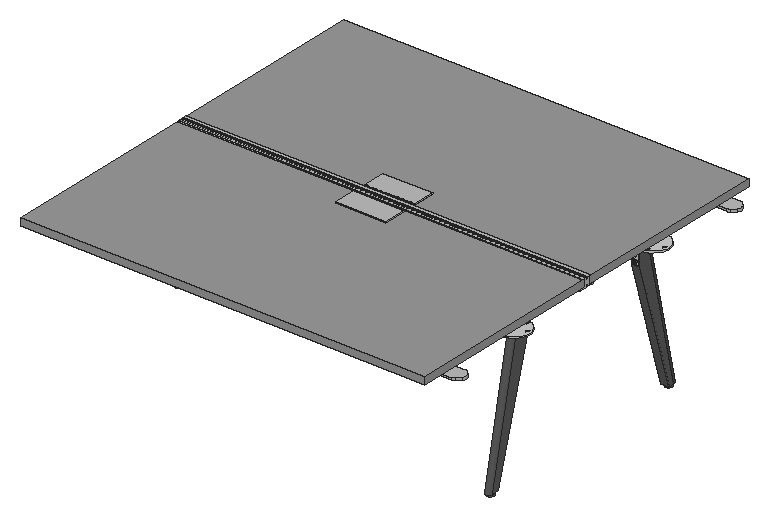
Revit family "Haworth_AWood_Bench_FixedLegs_DoubleIntermediaryModule_EU_PRELIMINARY", category Furniture, Revit 2019
Family settings
  OmniClass Number = 23.40.70.14.64.11
  OmniClass Title = Office Furniture
  Work Plane-Based = No
  Always vertical = Yes
  Cut with Voids When Loaded = No
  Shared = No
  Room Calculation Point = No
Parameters (values of type "200 x 200")
  Worksurface Depth = "160, 180, 200cm"  # constant formula
  Worksurface Width = "120, 140, 160, 180, 200cm"  # constant formula
  Warranty = "http://www.haworth.com/resources/product-info/warranties"
  URL - Product = "https://www.haworth.com/eu/en/products/office-desks/a-wood.html?_br_psugg_q=awood"
  Type Comments = ""
  URL = "https://www.haworth.com/eu/en.html"
  Trim Finish = Haworth _ Metal _ Structured White EC
  Tray Depth = Actual Depth - 80 cm  # 120 cm
  Top Finish [instance] = Haworth _ Laminate _ Undecided _ Tables
  Small = no
  Size = "Verify Final Dim.w/ Haworth"  # constant formula
  Round Cable Outlet = no
  Revision Number = "1"  # constant formula
  No Accessory Kit = not(or(Accessory Kit, Flip Top Cable Outlet, Round Cable Outlet))  # no
  Model = "AWB4LXXXX"  # constant formula
  Medium = not(or(Large, Small))  # no
  Manufacturer = "Haworth"  # constant formula
  Leg Height = Actual Height - 3.5 cm  # 69.5 cm
  Large = yes
  Flip Top Finish = Haworth _ Paint _ Metallic Silver
  Flip Top Cable Outlet = yes
  Description = "Haworth - A_Wood - Fixed Legs - Double Intermediary Module"  # constant formula
  Depth = if(Central Rail, Actual Depth / 2 - 1 cm, Actual Depth)  # 99 cm
  Central Rail = yes
  Base Finish [instance] = Haworth _ Paint _ Black
  Author = "Haworth (Abd Rahman)"  # constant formula
  Assembly Code = "E2020200"
  Actual Width = 200 cm
  Actual Height = 73 cm  # constant formula
  Actual Depth = if(Small, 160 cm, if(Medium, 180 cm, 200 cm))  # 200 cm
  Accessory Kit = yes
Types (8, lengths in cm): name | Tray Depth | Small | Round Cable Outlet | No Accessory Kit | Medium | Large | Flip Top Cable Outlet | Depth | Central Rail | Actual Width | Actual Depth | Accessory Kit
  120 x 160 | 80 | yes | no | yes | no | no | no | 160 | no | 120 | 160 | no
  140 x 180 | 100 | no | no | yes | yes | no | no | 89 | yes | 140 | 180 | no
  160 x 200 | 120 | no | yes | no | no | yes | no | 99 | yes | 160 | 200 | no
  180 x 160 | 80 | yes | no | yes | no | no | no | 160 | no | 180 | 160 | no
  200 x 180 | 100 | no | no | yes | yes | no | no | 89 | yes | 200 | 180 | no
  200 x 200 | 120 | no | no | no | no | yes | yes | 99 | yes | 200 | 200 | yes
  160 x 160 | 80 | yes | no | no | no | no | yes | 160 | no | 160 | 160 | yes
  180 x 180 | 100 | no | no | yes | yes | no | no | 89 | yes | 180 | 180 | no
Reference planes (cm)
  plane 1 "Center F/B": y = 17.4526
  plane 2: z = 0
  plane 3 "Center L/R": x = 11.43
  plane 4 "Top": z = 73
  plane 5 "Left": x = -88.57
  plane 6 "Right": x = 111.43
  plane 7 "Back": y = 117.4526
  plane 8 "Front": y = -82.5474
  plane 9: y = 102.4526
  plane 10: y = -67.5474
  plane 11: z = 70.5
  plane 12: z = 69.5
  plane 13: x = -83.57
  plane 14: x = 106.43
  plane 15: y = 52.4526
  plane 16: y = -17.5474
  plane 17: x = -68.57
Dimensions and locks (cm)
  "Actual Height": plane 4 "Top" to level
  equal spacing: plane 7 "Back", plane 1 "Center F/B", plane 8 "Front"
  "Actual Depth": plane 7 "Back" to plane 8 "Front"
  equal spacing: plane 5 "Left", plane 3 "Center L/R", plane 6 "Right"
  "Actual Width": plane 5 "Left" to plane 6 "Right"
  plane 4 "Top" to plane 11 to plane 12 = 2.5 cm locked, 1 cm locked
  locked: plane 5 "Left" to plane 13 at 5
  locked: plane 14 to plane 6 "Right" at 5
  locked: plane 8 "Front" to plane 10 at 15
  locked: plane 7 "Back" to plane 9 at 15
  locked: plane 1 "Center F/B" to plane 15 at 35
  locked: plane 1 "Center F/B" to plane 16 at 35
  locked: plane 5 "Left" to plane 17 at 20
  aligned and locked: plane 3 "Center L/R" to nested 3
  aligned and locked: nested 3 to plane 4 "Top"
  aligned and locked: nested 4 to plane 13
  aligned and locked: plane 4 "Top" to nested 4
  aligned and locked: plane 3 "Center L/R" to nested 2
  aligned and locked: nested 2 to plane 8 "Front"
  aligned and locked: plane 3 "Center L/R" to nested 5
  aligned and locked: plane 7 "Back" to nested 5
  aligned and locked: plane 3 "Center L/R" to nested 6
  aligned and locked: nested 6 to plane 1 "Center F/B"
  aligned and locked: nested 6 to plane 4 "Top"
  aligned and locked: nested 6 to nested 3
  aligned and locked: nested 7 to plane 3 "Center L/R"
  aligned and locked: nested 7 to nested 6
  aligned and locked: plane 4 "Top" to nested 7
  aligned and locked: nested 6 to nested 4
  aligned and locked: nested 8 to plane 14
  aligned and locked: plane 4 "Top" to nested 8
  aligned and locked: nested 9 to plane 14
  aligned and locked: plane 14 to nested 10
  aligned and locked: plane 15 to nested 10
  aligned and locked: nested 9 to plane 16
  aligned and locked: nested 6 to nested 8
  aligned and locked: nested 11 to plane 10
  aligned and locked: nested 11 to plane 14
  aligned and locked: plane 9 to nested 12
  aligned and locked: plane 14 to nested 12
  aligned and locked: nested 12 to plane 12
  aligned and locked: nested 11 to plane 12
  aligned and locked: nested 1 to plane 1 "Center F/B"
  aligned and locked: plane 17 to nested 1
Nested families (cm)
  nested 1: "Haworth_A_Wood_SingleLeg_PART" at (-7.9589, 15.6423, 0) x (0.7071, -0.7071, 0) z (0, 0, 1), Leg Finish <- "Base Finish", type "A_Wood Legs - PART"
    with Leg Finish Haworth _ Paint _ Black
  nested 2: "Haworth_A_Wood_Top_Rectangular-PART" at (170.2444, 38.0136, 0), Top Finish <- "Top Finish", visible <- "Central Rail", type "A_Wood Top Rectangular - PART"
    with Top Finish Haworth _ Laminate _ Undecided _ Tables, Void Depth 0 cm, Scallop no, Rounded Corners no, Actual Width 200 cm, Actual Depth 99 cm
  nested 3: "Haworth-Flip Top" at (9.9813, 26.3193, -7), visible <- "Flip Top Cable Outlet", type "Flip Top - Visio"
    with Actual Width 25 cm
  nested 4: "Haworth_Grommet-PART" at (-63.3841, 54.6626, 20.7768), visible <- "Round Cable Outlet", type "Cable Outlet"
  nested 5: "Haworth_A_Wood_Top_Rectangular-PART" at (170.2444, 139.0136, 0), Top Finish <- "Top Finish", type "A_Wood Top Rectangular - PART"
    with Top Finish Haworth _ Laminate _ Undecided _ Tables, Void Depth 0 cm, Scallop no, Rounded Corners no, Actual Width 200 cm, Actual Depth 99 cm
  nested 6: "Haworth_A_Wood_Accessories_CentralRail_PART" at (170.2444, 67.0136, -0.075), visible <- "Central Rail", type "A_Wood Rail - PART"
    with Actual Width 200 cm
  nested 7: "Haworth-Flip Top" at (9.9813, 8.586, -7), visible <- "Flip Top Cable Outlet", type "Flip Top - Visio"
    with Actual Width 25 cm
  nested 8: "Haworth_Grommet-PART" at (86.2441, -19.7574, 20.7768) x (-1, 0, 0) z (0, 0, 1), visible <- "Round Cable Outlet", type "Cable Outlet"
  nested 9: "Haworth_A_Wood_SingleLeg_PART" at (107.8345, 43.0637, 0) x (0.7071, 0.7071, 0) z (0, 0, 1), Leg Finish <- "Base Finish", type "A_Wood Legs - PART"
    with Leg Finish Haworth _ Paint _ Black
  nested 10: "Haworth_A_Wood_SingleLeg_PART" at (107.8345, -8.1584, 0) x (0.7071, -0.7071, 0) z (0, 0, 1), Leg Finish <- "Base Finish", type "A_Wood Legs - PART"
    with Leg Finish Haworth _ Paint _ Black
  nested 11: "Haworth_A_Wood_Accessories_LinkingPlate_PART" at (153.7444, -17.5015, -1), type "A_Wood Legs - PART"
  nested 12: "Haworth_A_Wood_Accessories_LinkingPlate_PART" at (153.7444, 152.4985, -1), type "A_Wood Legs - PART"
Definition of nested family "Haworth_A_Wood_SingleLeg_PART"
  Parameters (values of type "A_Wood Legs - PART")
    Warranty = "https://www.haworth.com/resources/product-info/warranties"
    URL - Product = ""
    Model = "Haworth - A_Wood"  # constant formula
    Metal Finish = none
    Leg Finish [instance] = none
    Description = "Haworth - A_Wood - Legs - PART"  # constant formula
    URL = ""
    Revision Number = "1"  # constant formula
    Manufacturer = "Haworth"  # constant formula
    Author = "Haworth (Abd Rahman)"  # constant formula
    Assembly Code = "E2020200"
    Actual Height = 73 cm  # constant formula
  Reference planes (cm)
    plane 1 "Bottom": z = 0
    plane 2 "Top": z = 73
    plane 3 "Top Bottom": z = 69.5
    plane 4: x = -59.8144
    plane 5: x = -39.3144
    plane 6: y = -39.9431
    plane 7 "Front": y = -60.4431
    plane 8: x = -49.5644
    plane 9: y = -50.1931
  Forms (cm)
    SweptBlend 1, solid, material <- "Leg Finish"
      path origin (-58.7425, -59.2694, 121.92) x (-0.707107, -0.707107, 0) y (0, 0, -1)
        loop
          line (-1.6984, 123.3068) -> (-17.8231, 51.5727)
      profile origin (-57.5416, -58.0684, -1.3868) x (-0.689892, -0.689892, 0.219313) y (0.707107, -0.707107, 0)
        loop
          line (-2.6886, 1.6172) -> (-2.6886, -2.1828) -> (0.0676, -2.1828)
          arc (0.0676, -2.1828) -> (1.9676, -0.2828) -> (0.0676, 1.6172) r 1.9
          line (0.0676, 1.6172) -> (-2.6886, 1.6172)
      end profile origin (-46.1396, -46.6665, 70.3473) x (-0.689892, -0.689892, 0.219313) y (0.707107, -0.707107, 0)
        loop
          line (-7.1321, -2.1828) -> (0, -2.1828)
          arc (0, -2.1828) -> (1.9, -0.2828) -> (0, 1.6172) r 1.9
          line (0, 1.6172) -> (-7.1321, 1.6172) -> (-7.1321, -2.1828)
    Extrusion 2, void
      sketch origin (-58.7425, -59.2694, 121.92) x (-0.707107, -0.707107, 0) y (0, 0, -1)
        loop
          line (-22.8359, 60.9135) -> (-31.3359, 60.9135) -> (-31.3359, 46.4135) -> (-6.8632, 46.4135) -> (-6.8632, 53.0135) -> (-22.8359, 53.0135) -> (-22.8359, 60.9135)
        loop
          line (1.2172, 120.9135) -> (1.2172, 124.4135) -> (-5.7828, 124.4135) -> (-5.7828, 120.9135) -> (1.2172, 120.9135)
      from -2.1828 to 1.6172
    Extrusion 3, solid, material <- "Metal Finish"
      sketch origin (22.515, 0, 0) x (-1, 0, 0) y (0, -1, 0)
        loop
          arc (63.3082, 55.3567) -> (64.353, 43.9204) -> (75.222, 40.2132) r 10.5502
          arc (75.222, 40.2132) -> (77.0947, 53.9447) -> (63.3082, 55.3567) r 9.6395
        loop
          circle (75.5231, 43.1034) r 0.6436
        loop
          circle (69.4207, 42.3367) r 0.5
        loop
          circle (63.9678, 47.7855) r 0.5
        loop
          circle (64.6924, 53.9741) r 0.6849
        loop
          circle (74.6212, 53.0565) r 0.7071
      from 68.9065 to 69.5
    Revolve 4, solid
      sketch origin (-0.1869, -57.1918, 0) x (1, 0, 0) y (0, 0, 1)
        loop
          line (-56.6292, 1.0037) -> (-56.6292, 0) -> (-54.9292, 0) -> (-54.9292, 0.4) -> (-56.0292, 0.4) -> (-56.0292, 1.0037) -> (-56.6292, 1.0037)
        axis (-56.6292, 1.0037) -> (-56.6292, 0)
      angle from 0 to 360
    Extrusion 5, solid, material <- "Metal Finish"
      sketch origin (-25.6346, -85.9201, 0) x (0.707107, -0.707107, 0) y (0, 0, 1)
        loop
          line (-44.0328, 69.5) -> (-44.0328, 62.4065) -> (-41.0328, 62.4065) -> (-41.0328, 69.5) -> (-44.0328, 69.5)
        loop
          circle (-42.5693, 66.9745) r 1
        loop
          circle (-42.5978, 63.7457) r 1
      from -18.4115 to -18.1579
    Extrusion 6, void
      sketch origin (-25.6346, -85.9201, 0) x (0.707107, -0.707107, 0) y (0, 0, 1)
        loop
          circle (-42.5693, 66.9745) r 1
        loop
          circle (-42.5978, 63.7457) r 1
      from -20.0066 to -17.9454
  Cuts and joins
    Extrusion 2, Extrusion 6 cuts SweptBlend 1
    Extrusion 6 cuts Extrusion 5
    joined: Extrusion 3, Extrusion 5
  Lines and regions (cm)
    symbolic lines, detail levels medium+fine
      curve 1: arc (-53.9353, -40.9662, 0) -> (-42.6617, -43.3429, 0) -> (-40.285, -54.6165, 0) r 10.5502
      curve 2: arc (-40.285, -54.6165, 0) -> (-46.2123, -57.5166, 0) -> (-52.6178, -55.9317, 0) r 9.6539
      curve 3: line (-58.7572, -56.6971, 0) -> (-55.2939, -53.2338, 0)
      curve 4: line (-52.6178, -55.9317, 0) -> (-56.0702, -59.3841, 0)
      curve 5: arc (-56.074, -59.3805, 0) -> (-58.786, -59.4129, 0) -> (-58.7536, -56.7008, 0) r 1.8953
      curve 6: arc (-55.2939, -53.2338, 0) -> (-56.8312, -46.8545, 0) -> (-53.9353, -40.9662, 0) r 9.6539
  Dimensions and locks (cm)
    "Actual Height": plane 2 "Top" to level
    plane 2 "Top" to plane 3 "Top Bottom" = 3.5 cm
    equal spacing: plane 4, plane 8, plane 5
    equal spacing: plane 6, plane 9, plane 7 "Front"
    Extrusion 5 sketch curve to cut or joined group of SweptBlend 1, Extrusion 2, Extrusion 6 = 0.3942 cm
    Extrusion 5 sketch curve to Extrusion 5 sketch curve = 3 cm
  Automatic sketch dimensions
    curve 2 to curve 6 = 0 cm  (x2)
    plane 4 to curve 5 = 2.3685 cm
    plane 4 to curve 3 = 4.5204 cm
    curve 4 to plane 8 = 3.0535 cm
    curve 1 to plane 8 = 0.5574 cm
    plane 8 to curve 6 = 2.3284 cm
    curve 5 to plane 7 "Front" = 2.3704 cm
    curve 4 to plane 7 "Front" = 4.5114 cm
    curve 3 to plane 9 = 3.0407 cm
    curve 1 to plane 9 = 0.6099 cm
    curve 1 to curve 6 = 2.8858 cm
    plane 4 to curve 5 = 1.0607 cm
    curve 3 to curve 5 = 0.0036 cm
    curve 5 to curve 5 = 1.3718 cm
    curve 4 to plane 7 "Front" = 1.059 cm
    curve 5 to curve 4 = 0.0038 cm
    curve 1 to plane 6 = 1.0231 cm
    curve 4 to curve 5 = 0.0036 cm
    curve 5 to curve 3 = 0.0038 cm
    plane 3 "Top Bottom" to SweptBlend 1 sketch curve = 0.8473 cm
    SweptBlend 1 sketch curve to level = 1.3868 cm
    SweptBlend 1 sketch curve to SweptBlend 1 sketch curve = 16.1248 cm
    profile plane to SweptBlend 1 sketch curve = 1.6172 cm
    profile plane to SweptBlend 1 sketch curve = 2.6886 cm
    SweptBlend 1 sketch curve to profile plane = 0.0676 cm
    SweptBlend 1 sketch curve to profile plane = 0.2828 cm  (x2)
    SweptBlend 1 sketch curve to profile plane = 0 cm
    SweptBlend 1 sketch curve to profile plane = 2.1828 cm
    SweptBlend 1 sketch curve to SweptBlend 1 sketch curve = 7.1321 cm
    Extrusion 2 sketch curve to plane 3 "Top Bottom" = 8.4935 cm
    Extrusion 2 sketch curve to Extrusion 2 sketch curve = 8.5 cm
    Extrusion 2 sketch curve to plane 3 "Top Bottom" = 0.5935 cm
    Extrusion 2 sketch curve to Extrusion 2 sketch curve = 15.9727 cm
    level to Extrusion 2 sketch curve = 1.0065 cm
    Extrusion 2 sketch curve to Extrusion 2 sketch curve = 17.0531 cm
    Extrusion 2 sketch curve to level = 2.4935 cm
    Extrusion 2 sketch curve to Extrusion 2 sketch curve = 7 cm
    plane 2 "Top" to Extrusion 2 sketch curve = 2.5065 cm
    plane 5 to Extrusion 3 sketch curve = 2.1385 cm
    plane 5 to Extrusion 3 sketch curve = 2.8631 cm
    Extrusion 3 sketch curve to plane 8 = 2.6586 cm
    Extrusion 3 sketch curve to plane 8 = 2.5606 cm
    plane 8 to Extrusion 3 sketch curve = 0.5653 cm
    plane 8 to Extrusion 3 sketch curve = 2.5418 cm
    plane 8 to Extrusion 3 sketch curve = 3.4437 cm
    plane 9 to Extrusion 3 sketch curve = 3.781 cm
    plane 9 to Extrusion 3 sketch curve = 2.8634 cm
    plane 9 to Extrusion 3 sketch curve = 0.2507 cm
    Extrusion 3 sketch curve to Extrusion 3 sketch curve = 2.4593 cm
    Extrusion 3 sketch curve to plane 9 = 2.4076 cm
    plane 6 to Extrusion 3 sketch curve = 3.1604 cm
    plane 6 to Extrusion 3 sketch curve = 2.3936 cm
    plane 5 to Extrusion 3 sketch curve = 1.4789 cm
    plane 6 to Extrusion 3 sketch curve = 0.2702 cm
    Revolve 4 sketch curve to level = 0 cm
    level to Revolve 4 sketch curve = 1.0037 cm
    plane 4 to Revolve 4 sketch curve = 2.9983 cm
    Revolve 4 sketch curve to Revolve 4 sketch curve = 0.6 cm
    Revolve 4 sketch curve to Revolve 4 sketch curve = 1.1 cm
    Revolve 4 sketch curve to Revolve 4 sketch curve = 0.4 cm
    Revolve 4 sketch curve to Revolve 4 sketch curve = 0 cm  (x2)
    Revolve 4 sketch curve to level = 0.0502 cm
    Extrusion 5 sketch curve to Extrusion 5 sketch curve = 1.435 cm
    Extrusion 5 sketch curve to Extrusion 5 sketch curve = 1.4634 cm
    Extrusion 5 sketch curve to plane 3 "Top Bottom" = 7.0935 cm
    Extrusion 5 sketch curve to Extrusion 5 sketch curve = 1.3391 cm
    Extrusion 5 sketch curve to plane 3 "Top Bottom" = 2.5255 cm
    Extrusion 5 sketch curve to plane 3 "Top Bottom" = 0 cm
    Extrusion 6 sketch curve to Extrusion 6 sketch curve = 3.2289 cm
    Extrusion 6 sketch curve to plane 3 "Top Bottom" = 5.7543 cm
    Extrusion 6 sketch curve to Extrusion 6 sketch curve = 0.0285 cm
    radius of Extrusion 3 sketch curve = 0.6436 cm
    radius of Extrusion 3 sketch curve = 0.5 cm  (x2)
    radius of Extrusion 3 sketch curve = 0.6849 cm
    radius of Extrusion 3 sketch curve = 0.7071 cm
    radius of Extrusion 5 sketch curve = 1 cm  (x2)
    radius of Extrusion 6 sketch curve = 1 cm  (x2)
Definition of nested family "Haworth_A_Wood_Top_Rectangular-PART"
  Parameters (values of type "A_Wood Top Rectangular - PART")
    Warranty = "https://www.haworth.com/resources/product-info/warranties"
    Void Depth = 15 cm
    URL - Product = ""
    Top Finish [instance] = none
    Thickness = 3.5 cm
    Squared Corners = yes
    Scallop = yes
    Rounded Corners = yes
    Rectangle = no
    Model = "Haworth - A_Wood"  # constant formula
    Description = "Haworth - A_Wood - Rectangular - Top - PART"  # constant formula
    URL = ""
    Revision Number = "1"  # constant formula
    Manufacturer = "Haworth"  # constant formula
    Author = "Haworth (Abd Rahman)"  # constant formula
    Assembly Code = "E2020200"
    Actual Width = 120 cm
    Actual Depth = 100 cm
  Reference planes (cm)
    plane 1 "Bottom": z = 0
    plane 2 "Top": z = 73
    plane 3 "Top Bottom": z = 69.5
    plane 4: x = -218.8144
    plane 5 "Right": x = -98.8144
    plane 6: y = -21.0609
    plane 7 "Front": y = -121.0609
    plane 8: x = -158.8144
    plane 9: y = -71.0609
    plane 10: y = -36.0609
    plane 11: x = -194.8144
    plane 12: x = -122.8144
  Forms (cm)
    Extrusion 1, solid, material <- "Top Finish", visible <- "Squared Corners"
      sketch origin (0, 0, 0) x (1, 0, 0) y (0, 1, 0)
        loop
          line (-218.8144, -21.0609) -> (-218.8144, -121.0609) -> (-98.8144, -121.0609) -> (-98.8144, -21.0609) -> (-218.8144, -21.0609)
      from 69.5 to 73
    Extrusion 2, solid, material <- "Top Finish", visible <- "Rounded Corners"
      sketch origin (0, 0, 0) x (1, 0, 0) y (0, 1, 0)
        loop
          arc (-214.8144, -21.0609) -> (-217.6428, -22.2325) -> (-218.8144, -25.0609) r 4
          line (-218.8144, -25.0609) -> (-218.8144, -117.0609)
          arc (-218.8144, -117.0609) -> (-217.6428, -119.8893) -> (-214.8144, -121.0609) r 4
          line (-214.8144, -121.0609) -> (-102.8144, -121.0609)
          arc (-102.8144, -121.0609) -> (-99.9859, -119.8893) -> (-98.8144, -117.0609) r 4
          line (-98.8144, -117.0609) -> (-98.8144, -25.0609)
          arc (-98.8144, -25.0609) -> (-99.9859, -22.2325) -> (-102.8144, -21.0609) r 4
          line (-102.8144, -21.0609) -> (-214.8144, -21.0609)
      from 69.5 to 73
    Extrusion 3, void
      sketch origin (0, 0, 0) x (1, 0, 0) y (0, 1, 0)
        loop
          line (-194.8144, -21.0609) -> (-189.1575, -36.0609) -> (-128.4712, -36.0609) -> (-122.8144, -21.0609) -> (-194.8144, -21.0609)
      from 0 to 182.4895
  Cuts and joins
    Extrusion 3 cuts Extrusion 2
    Extrusion 3 cuts Extrusion 1
  Lines and regions (cm)
    Masking region 1, visible <- "Squared Corners"
      outline origin (0, 0, 0) x (1, 0, 0) y (0, 1, 0)
        loop
          line (-218.8144, -21.0609) -> (-218.8144, -121.0609) -> (-98.8144, -121.0609) -> (-98.8144, -21.0609) -> (-218.8144, -21.0609)
    Masking region 2
      outline origin (0, -0.1905, 0) x (1, 0, 0) y (0, 1, 0)
        loop
          arc (-215.1194, -20.8704) -> (-217.7534, -22.199) -> (-218.8144, -24.9517) r 4.1015
          line (-218.8144, -24.9517) -> (-218.8144, -117.0498)
          arc (-218.8144, -117.0498) -> (-217.6953, -119.7514) -> (-214.9938, -120.8704) r 3.8205
          line (-214.9938, -120.8704) -> (-102.6349, -120.8704)
          arc (-102.6349, -120.8704) -> (-99.9334, -119.7514) -> (-98.8144, -117.0498) r 3.8205
          line (-98.8144, -117.0498) -> (-98.8144, -24.9517)
          arc (-98.8144, -24.9517) -> (-99.8753, -22.199) -> (-102.5093, -20.8704) r 4.1015
          line (-102.5093, -20.8704) -> (-215.1194, -20.8704)
  Dimensions and locks (cm)
    equal spacing: plane 4, plane 8, plane 5 "Right"
    equal spacing: plane 6, plane 9, plane 7 "Front"
    "Actual Depth": plane 7 "Front" to plane 6
    "Actual Width": plane 4 to plane 5 "Right"
    plane 2 "Top" to plane 3 "Top Bottom" = 3.5 cm  (x2)
    "Thickness": plane 2 "Top" to plane 3 "Top Bottom"
    locked: plane 4 to plane 11 at 24
    locked: plane 12 to plane 5 "Right" at 24
    "Void Depth": plane 10 to plane 6
    aligned and locked: Extrusion 1 sketch curve to plane 5 "Right"
    aligned and locked: Extrusion 1 sketch curve to plane 6
    aligned and locked: plane 4 to Extrusion 1 sketch curve
    aligned and locked: Extrusion 1 sketch curve to plane 7 "Front"
    aligned and locked: plane 2 "Top" to Extrusion 1
    aligned and locked: Extrusion 1 to plane 3 "Top Bottom"
    aligned and locked: Masking region 1 sketch curve to plane 5 "Right"
    aligned and locked: Masking region 1 sketch curve to plane 6
    aligned and locked: plane 4 to Masking region 1 sketch curve
    aligned and locked: Masking region 1 sketch curve to plane 7 "Front"
    aligned and locked: plane 6 to Masking region 2
    aligned and locked: plane 5 "Right" to Masking region 2
    aligned and locked: plane 7 "Front" to Extrusion 2
    aligned and locked: plane 7 "Front" to Masking region 2
    aligned and locked: Masking region 2 to plane 4
    aligned and locked: plane 10 to Extrusion 3 sketch curve
    aligned and locked: plane 6 to Extrusion 3 sketch curve
  Automatic sketch dimensions
    Extrusion 2 sketch curve to plane 4 = 0 cm
    plane 7 "Front" to Extrusion 2 sketch curve = 0 cm
    Extrusion 2 sketch curve to plane 6 = 0 cm
    Extrusion 2 sketch curve to plane 5 "Right" = 0 cm
    plane 4 to Extrusion 2 sketch curve = 4 cm  (x2)
    Extrusion 2 sketch curve to plane 5 "Right" = 4 cm  (x2)
    plane 4 to Masking region 2 sketch curve = 0 cm
    Masking region 2 sketch curve to plane 7 "Front" = 0 cm
    Masking region 2 sketch curve to plane 5 "Right" = 0 cm
    Masking region 2 sketch curve to plane 6 = 0 cm
    plane 4 to Masking region 2 sketch curve = 3.6949 cm
    Masking region 2 sketch curve to Masking region 2 sketch curve = 4.1015 cm
    Masking region 2 sketch curve to Masking region 2 sketch curve = 3.8205 cm
    Masking region 2 sketch curve to plane 5 "Right" = 3.8205 cm
    Masking region 2 sketch curve to plane 5 "Right" = 4.1015 cm
    Masking region 2 sketch curve to plane 5 "Right" = 3.6949 cm
    Extrusion 3 sketch curve to plane 11 = 0 cm  (x2)
    Extrusion 3 sketch curve to plane 6 = 0 cm  (x2)
    Extrusion 3 sketch curve to plane 12 = 0 cm  (x2)
    Extrusion 3 sketch curve to plane 11 = 5.6569 cm
    plane 12 to Extrusion 3 sketch curve = 5.6569 cm
Definition of nested family "Haworth-Flip Top"
  Parameters (values of type "Flip Top - Visio")
    Warranty = ""
    URL - Product = ""
    URL = ""
    Sustainability Info = ""
    Size = "Verify Final Dim. w/ Haworth"  # constant formula
    Single Sided = no
    Single Sided Wide = yes
    Revision Number = ""
    OmniClass Number = ""
    Material Options = ""
    Manufacturer = "Haworth"  # constant formula
    LEED Data = ""
    Flip Top Height = 2.5 cm
    Flip Top Finish = none
    Double Sided = no
    Double Sided Wide = no
    Author = "SHAPE Environments, LLC"  # constant formula
    Assembly Code = ""
    Actual Width = 20 cm
    Actual Height = 80 cm
    Actual Depth = 11 cm
  Reference planes (cm)
    plane 1 "Center F/B": y = 0.1333
    plane 2: z = 0
    plane 3 "Center L/R": x = 1.4487
    plane 4 "Back": y = 5.6333
    plane 5 "Right": x = 11.4487
    plane 6 "Front": y = -5.3667
    plane 7 "Left": x = -8.5513
    plane 8 "Table Height": z = 80
    plane 9: z = 77.5
  Forms (cm)
    Extrusion 1, solid, material <- "Flip Top Finish"
      sketch origin (0, 0, 80) x (-1, 0, 0) y (0, -1, 0)
        loop
          line (8.5513, -5.6333) -> (8.5513, 5.3667) -> (-11.4487, 5.3667) -> (-11.4487, -5.6333) -> (8.5513, -5.6333)
      from 0 to 0.3175
    Extrusion 2, solid, material <- "Flip Top Finish"
      sketch origin (0, 0, 80) x (-1, 0, 0) y (0, -1, 0)
        loop
          line (8.2338, -5.1571) -> (8.2338, 4.8904) -> (-11.1312, 4.8904) -> (-11.1312, -5.1571) -> (8.2338, -5.1571)
      from 0 to -2.5
  Cuts and joins
    joined: Extrusion 1, Extrusion 2
  Lines and regions (cm)
    symbolic lines
      curve 1: line (-8.5513, 5.6333, 80) -> (11.4487, 5.6333, 80)
      curve 2: line (-8.5513, -5.3667, 80) -> (-8.5513, 5.6333, 80)
      curve 3: line (11.4487, -5.3667, 80) -> (-8.5513, -5.3667, 80)
      curve 4: line (11.4487, 5.6333, 80) -> (11.4487, -5.3667, 80)
  Dimensions and locks (cm)
    equal spacing: plane 7 "Left", plane 3 "Center L/R", plane 5 "Right"
    "Actual Width": plane 7 "Left" to plane 5 "Right"
    equal spacing: plane 6 "Front", plane 1 "Center F/B", plane 4 "Back"
    "Actual Depth": plane 4 "Back" to plane 6 "Front"
    plane 7 "Left" to Extrusion 2 sketch curve = 0.3175 cm
    plane 4 "Back" to Extrusion 2 sketch curve = 0.4762 cm
    Extrusion 2 sketch curve to plane 5 "Right" = 0.3175 cm
    Extrusion 2 sketch curve to plane 6 "Front" = 0.4763 cm
    "Actual Height": plane 8 "Table Height" to level
    "Flip Top Height": plane 8 "Table Height" to plane 9
    aligned and locked: plane 7 "Left" to Extrusion 1 sketch curve
    aligned and locked: Extrusion 1 sketch curve to plane 4 "Back"
    aligned and locked: plane 6 "Front" to Extrusion 1 sketch curve
    aligned and locked: Extrusion 1 sketch curve to plane 5 "Right"
    aligned and locked: plane 9 to cut or joined group of Extrusion 1, Extrusion 2
  Automatic sketch dimensions
    curve 4 to plane 5 "Right" = 0 cm
    curve 2 to plane 4 "Back" = 0 cm
    curve 2 to plane 7 "Left" = 0 cm
    curve 4 to plane 6 "Front" = 0 cm
Definition of nested family "Haworth_Grommet-PART"
  Parameters (values of type "Cable Outlet")
    Warranty = "http://www.haworth.com/resources/product-info/warranties"
    Vertical = no
    URL = "www.haworth.com"
    Trim Finish = none
    Size = "Verify Final Dim. w/ Haworth"  # constant formula
    Revision Number = "1"  # constant formula
    Model = "X742"  # constant formula
    Manufacturer = "Haworth"  # constant formula
    Horizontal = yes
    Description = "Haworth - Cable Outlet - 25mm"  # constant formula
    Author = "Haworth (Abd Rahman)"  # constant formula
    Assembly Code = "E2020200"
    Actual Width = 9 cm  # constant formula
    Actual Height = 0.2 cm  # constant formula
    Actual Depth = 9 cm  # constant formula
  Reference planes (cm)
    plane 1: z = 52.2232
    plane 2 "Center L/R": x = -15.6859
    plane 3 "Center F/B": y = -29.21
    plane 4 "Top": z = 52.4232
    plane 5 "Back": y = -24.71
    plane 6 "Front": y = -33.71
    plane 7 "Right": x = -11.1859
    plane 8 "Left": x = -20.1859
    plane 9: x = -15.505
  Forms (cm)
    Revolve 1, solid, material <- "Trim Finish", visible <- "Vertical"
      sketch origin (-67.9273, -29.21, 36.6305) x (0, 0, 1) y (1, 0, 0)
        loop
          line (15.6859, 52.4223) -> (11.5684, 52.4223)
          arc (11.5684, 52.4223) -> (11.398, 52.3576) -> (11.2576, 52.2414) r 0.557
          line (11.2576, 52.2414) -> (15.6859, 52.2414) -> (15.6859, 52.4223)
        axis (15.6859, 52.4223) -> (15.6859, 52.2414)
      angle from 0 to 360
    Extrusion 2, void
      sketch origin (-67.9273, 0.0749, 36.6305) x (0, 0, -1) y (0, 1, 0)
        loop
          line (-17.5569, -26.0506) -> (-17.3333, -28.1782)
          arc (-17.3333, -28.1782) -> (-17.1796, -28.323) -> (-16.9822, -28.2479) r 0.1989
          arc (-16.9822, -28.2479) -> (-16.9186, -28.1652) -> (-16.8471, -28.0891) r 1.0616
          arc (-16.8471, -28.0891) -> (-16.3186, -27.7135) -> (-15.6859, -27.5721) r 1.6402
          arc (-15.6859, -27.5721) -> (-15.1781, -27.6415) -> (-14.7164, -27.8643) r 1.6402
          arc (-14.7164, -27.8643) -> (-14.5025, -27.8909) -> (-14.3853, -27.7099) r 0.203
          line (-14.3853, -27.7099) -> (-14.1679, -25.8137)
          arc (-14.1679, -25.8137) -> (-15.8906, -25.5293) -> (-17.5569, -26.0506) r 3.7744
      from 0 to 71.12
    Revolve 3, solid, material <- "Trim Finish", visible <- "Horizontal"
      sketch origin (-0.0331, -29.3081, 0.0151) x (-1, 0, 0) y (0, 0, 1)
        loop
          line (15.6859, 52.408) -> (11.5287, 52.408)
          arc (11.5287, 52.408) -> (11.3569, 52.3343) -> (11.219, 52.208) r 0.5592
          line (11.219, 52.208) -> (15.6859, 52.208) -> (15.6859, 52.408)
        axis (15.6859, 52.408) -> (15.6859, 52.208)
      angle from 0 to 360
    Extrusion 4, void
      sketch origin (-0.0331, -0.0232, 0.0151) x (1, 0, 0) y (0, 1, 0)
        loop
          line (-17.5569, -26.0506) -> (-17.3333, -28.1782)
          arc (-17.3333, -28.1782) -> (-17.1796, -28.323) -> (-16.9822, -28.2479) r 0.1989
          arc (-16.9822, -28.2479) -> (-16.9186, -28.1652) -> (-16.8471, -28.0891) r 1.0616
          arc (-16.8471, -28.0891) -> (-16.3186, -27.7135) -> (-15.6859, -27.5721) r 1.6402
          arc (-15.6859, -27.5721) -> (-15.1781, -27.6415) -> (-14.7164, -27.8643) r 1.6402
          arc (-14.7164, -27.8643) -> (-14.5025, -27.8909) -> (-14.3853, -27.7099) r 0.203
          line (-14.3853, -27.7099) -> (-14.1679, -25.8137)
          arc (-14.1679, -25.8137) -> (-15.8906, -25.5293) -> (-17.5569, -26.0506) r 3.7744
      from 0 to 71.12
  Cuts and joins
    Extrusion 2 cuts Revolve 1
    Extrusion 4 cuts Revolve 3
  Lines and regions (cm)
    Masking region 1
      outline origin (0, 0, 0) x (1, 0, 0) y (0, 1, 0)
        loop
          circle (-15.6859, -29.2849) r 4.4363
        loop
          circle (-15.6859, -29.2849) r 4.0899
        loop
          line (-14.3853, -27.7099) -> (-14.1679, -25.8137)
          arc (-14.1679, -25.8137) -> (-15.8906, -25.5293) -> (-17.5569, -26.0506) r 3.7744
          line (-17.5569, -26.0506) -> (-17.3333, -28.1782)
          arc (-17.3333, -28.1782) -> (-17.1796, -28.323) -> (-16.9822, -28.2479) r 0.1989
          arc (-16.9822, -28.2479) -> (-16.9186, -28.1652) -> (-16.8471, -28.0891) r 1.0616
          arc (-16.8471, -28.0891) -> (-16.3186, -27.7135) -> (-15.6859, -27.5721) r 1.6402
          arc (-15.6859, -27.5721) -> (-15.1781, -27.6415) -> (-14.7164, -27.8643) r 1.6402
          arc (-14.7164, -27.8643) -> (-14.5025, -27.8909) -> (-14.3853, -27.7099) r 0.203
  Dimensions and locks (cm)
    equal spacing: plane 8 "Left", plane 2 "Center L/R", plane 7 "Right"
    "Actual Width": plane 8 "Left" to plane 7 "Right"
    equal spacing: plane 5 "Back", plane 3 "Center F/B", plane 6 "Front"
    "Actual Depth": plane 5 "Back" to plane 6 "Front"
    "Actual Height": plane 4 "Top" to plane 1
    aligned and locked: plane 3 "Center F/B" to cut or joined group of Revolve 1, Extrusion 2  (x2)
    aligned and locked: cut or joined group of Revolve 3, Extrusion 4 to plane 4 "Top"
    aligned and locked: cut or joined group of Revolve 3, Extrusion 4 to plane 1
    aligned and locked: cut or joined group of Revolve 1, Extrusion 2 to plane 2 "Center L/R"
    aligned and locked: plane 9 to cut or joined group of Revolve 1, Extrusion 2
  Automatic sketch dimensions
    Revolve 1 sketch curve to plane 1 = 4.335 cm
    Revolve 1 sketch curve to Revolve 1 sketch curve = 0.3107 cm
    Revolve 1 sketch curve to Revolve 1 sketch curve = 0.1099 cm
    Revolve 1 sketch curve to Revolve 1 sketch curve = 4.0077 cm
    Revolve 1 sketch curve to plane 7 "Right" = 4.8651 cm
    Revolve 1 sketch curve to Revolve 1 sketch curve = 0.3651 cm
    Revolve 1 sketch curve to Revolve 1 sketch curve = 0 cm  (x2)
    Revolve 1 sketch curve to Revolve 1 sketch curve = 0.0195 cm
    Extrusion 2 sketch curve to Extrusion 2 sketch curve = 0 cm  (x2)
    plane 1 to Extrusion 2 sketch curve = 1.9643 cm
    Extrusion 2 sketch curve to Extrusion 2 sketch curve = 0.4161 cm
    Extrusion 2 sketch curve to Extrusion 2 sketch curve = 1.0307 cm
    Extrusion 2 sketch curve to Extrusion 2 sketch curve = 0.4587 cm
    Extrusion 2 sketch curve to Extrusion 2 sketch curve = 0.0242 cm
    Extrusion 2 sketch curve to Extrusion 2 sketch curve = 1.0632 cm
    Extrusion 2 sketch curve to Extrusion 2 sketch curve = 0.203 cm
    Extrusion 2 sketch curve to Extrusion 2 sketch curve = 0.2174 cm
    Extrusion 2 sketch curve to plane 5 "Back" = 4.5096 cm
    Extrusion 2 sketch curve to Extrusion 2 sketch curve = 0.0825 cm
    Extrusion 2 sketch curve to Extrusion 2 sketch curve = 0.3588 cm
    Extrusion 2 sketch curve to Extrusion 2 sketch curve = 0.7253 cm
    Extrusion 2 sketch curve to Extrusion 2 sketch curve = 1.502 cm
    Extrusion 2 sketch curve to Extrusion 2 sketch curve = 0.0031 cm
    Extrusion 2 sketch curve to Extrusion 2 sketch curve = 2.0772 cm
    Extrusion 2 sketch curve to Extrusion 2 sketch curve = 0.1925 cm
    Extrusion 2 sketch curve to Extrusion 2 sketch curve = 0.1586 cm
    Extrusion 2 sketch curve to Extrusion 2 sketch curve = 0.1352 cm
    Extrusion 2 sketch curve to Extrusion 2 sketch curve = 1.0976 cm
    Extrusion 2 sketch curve to Extrusion 2 sketch curve = 0.1281 cm
    Masking region 1 sketch curve to Masking region 1 sketch curve = 0 cm  (x4)
    Masking region 1 sketch curve to plane 2 "Center L/R" = 0 cm  (x2)
    Masking region 1 sketch curve to plane 2 "Center L/R" = 0.4242 cm
    Masking region 1 sketch curve to Masking region 1 sketch curve = 1.0307 cm
    Masking region 1 sketch curve to plane 3 "Center F/B" = 1.0318 cm
    Masking region 1 sketch curve to Masking region 1 sketch curve = 0.1925 cm
    Masking region 1 sketch curve to plane 2 "Center L/R" = 1.871 cm
    plane 3 "Center F/B" to Masking region 1 sketch curve = 0.002 cm
    plane 2 "Center L/R" to Masking region 1 sketch curve = 0.0345 cm
    plane 2 "Center L/R" to Masking region 1 sketch curve = 0.0586 cm
    plane 2 "Center L/R" to Masking region 1 sketch curve = 1.0976 cm
    Masking region 1 sketch curve to Masking region 1 sketch curve = 0.203 cm
    plane 2 "Center L/R" to Masking region 1 sketch curve = 1.518 cm
    plane 3 "Center F/B" to Masking region 1 sketch curve = 0.0749 cm
    Masking region 1 sketch curve to Masking region 1 sketch curve = 0.0096 cm
    Masking region 1 sketch curve to plane 3 "Center F/B" = 0.3569 cm
    Masking region 1 sketch curve to Masking region 1 sketch curve = 0.0504 cm
    Masking region 1 sketch curve to plane 3 "Center F/B" = 1.5001 cm
    Masking region 1 sketch curve to Masking region 1 sketch curve = 0.0031 cm
    Masking region 1 sketch curve to plane 5 "Back" = 1.3406 cm
    Masking region 1 sketch curve to Masking region 1 sketch curve = 0.2938 cm
    Masking region 1 sketch curve to Masking region 1 sketch curve = 0.1586 cm
    Revolve 3 sketch curve to plane 7 "Right" = 0.0663 cm
    Revolve 3 sketch curve to Revolve 3 sketch curve = 0.3096 cm
    Revolve 3 sketch curve to Revolve 3 sketch curve = 0.1316 cm
    Revolve 3 sketch curve to Revolve 3 sketch curve = 4.0256 cm
    Revolve 3 sketch curve to plane 4 "Top" = 0.5434 cm
    Revolve 3 sketch curve to Revolve 3 sketch curve = 0.3434 cm
    Revolve 3 sketch curve to Revolve 3 sketch curve = 0 cm
    Revolve 3 sketch curve to Revolve 3 sketch curve = 0.0151 cm  (x2)
    Extrusion 4 sketch curve to Extrusion 4 sketch curve = 0 cm  (x2)
    Extrusion 4 sketch curve to plane 7 "Right" = 6.4042 cm
    Extrusion 4 sketch curve to Extrusion 4 sketch curve = 0.4161 cm
    Extrusion 4 sketch curve to Extrusion 4 sketch curve = 1.0307 cm
    Extrusion 4 sketch curve to Extrusion 4 sketch curve = 0.4587 cm
    Extrusion 4 sketch curve to Extrusion 4 sketch curve = 0.0242 cm
    Extrusion 4 sketch curve to Extrusion 4 sketch curve = 1.0632 cm
    Extrusion 4 sketch curve to Extrusion 4 sketch curve = 0.203 cm
    Extrusion 4 sketch curve to Extrusion 4 sketch curve = 0.2174 cm
    Extrusion 4 sketch curve to plane 5 "Back" = 4.6077 cm
    Extrusion 4 sketch curve to Extrusion 4 sketch curve = 0.0825 cm
    Extrusion 4 sketch curve to Extrusion 4 sketch curve = 0.3588 cm
    Extrusion 4 sketch curve to Extrusion 4 sketch curve = 0.7253 cm
    Extrusion 4 sketch curve to Extrusion 4 sketch curve = 1.502 cm
    Extrusion 4 sketch curve to Extrusion 4 sketch curve = 0.0031 cm
    Extrusion 4 sketch curve to Extrusion 4 sketch curve = 2.0772 cm
    Extrusion 4 sketch curve to Extrusion 4 sketch curve = 0.1925 cm
    Extrusion 4 sketch curve to Extrusion 4 sketch curve = 0.1586 cm
    Extrusion 4 sketch curve to Extrusion 4 sketch curve = 0.1352 cm
    Extrusion 4 sketch curve to Extrusion 4 sketch curve = 1.0976 cm
    Extrusion 4 sketch curve to Extrusion 4 sketch curve = 0.1281 cm
    radius of Masking region 1 sketch curve = 4.4363 cm
    radius of Masking region 1 sketch curve = 4.0899 cm
Definition of nested family "Haworth_A_Wood_Accessories_CentralRail_PART"
  Parameters (values of type "A_Wood Rail - PART")
    Warranty = "https://www.haworth.com/resources/product-info/warranties"
    URL - Product = ""
    Model = "Haworth - A_Wood"  # constant formula
    Metal Finish = none
    Description = "Haworth - A_Wood - Rail - PART"  # constant formula
    URL = ""
    Revision Number = "1"  # constant formula
    Manufacturer = "Haworth"  # constant formula
    Author = "Haworth (Abd Rahman)"  # constant formula
    Assembly Code = "E2020200"
    Actual Width = 100 cm
    Actual Height = 73 cm  # constant formula
    Actual Depth = 7 cm  # constant formula
  Reference planes (cm)
    plane 1 "Bottom": z = 0
    plane 2 "Top": z = 73.25
    plane 3: x = -208.8144
    plane 4 "Right": x = -108.8144
    plane 5: y = -46.0609
    plane 6 "Front": y = -53.0609
    plane 7: x = -158.8144
    plane 8: y = -49.5609
    plane 9: z = 68.85
  Forms (cm)
    Extrusion 1, solid, material <- "Metal Finish"
      sketch origin (-108.8144, 0, 0) x (0, 1, 0) y (0, 0, 1)
        loop
          line (-48.2875, 69.375) -> (-48.2875, 73.075) -> (-47.0761, 73.075) -> (-46.9836, 73.1675) -> (-47.0661, 73.25) -> (-48.9815, 73.25) -> (-48.9815, 72.9105) -> (-48.6875, 72.8586) -> (-48.6875, 72.575) -> (-49.2325, 72.0725) -> (-49.2325, 70.4825) -> (-49.7174, 70.4825) -> (-49.7174, 72.0494) -> (-50.2875, 72.575) -> (-50.2875, 72.8392) -> (-50.0209, 72.9106) -> (-50.0209, 73.25) -> (-51.893, 73.25) -> (-52.0045, 73.1386) -> (-51.9409, 73.075) -> (-50.6875, 73.075) -> (-50.6875, 69.375) -> (-52.9875, 69.375) -> (-52.9875, 68.975) -> (-52.8875, 68.875) -> (-51.5875, 68.875) -> (-51.4375, 69.075) -> (-50.2375, 69.075) -> (-50.2375, 70.175) -> (-48.7375, 70.175) -> (-48.7375, 69.075) -> (-47.5375, 69.075) -> (-47.3875, 68.875) -> (-46.0875, 68.875) -> (-45.9875, 68.975) -> (-45.9875, 69.375) -> (-48.2875, 69.375)
      from -100 to 0
  Lines and regions (cm)
    symbolic lines, detail levels medium+fine
      curve 1: line (-208.8144, -46.0609, 0) -> (-108.8144, -46.0609, 0)
      curve 2: line (-208.8144, -53.0609, 0) -> (-208.8144, -46.0609, 0)
      curve 3: line (-108.8144, -53.0609, 0) -> (-208.8144, -53.0609, 0)
      curve 4: line (-108.8144, -46.0609, 0) -> (-108.8144, -53.0609, 0)
  Dimensions and locks (cm)
    equal spacing: plane 3, plane 7, plane 4 "Right"
    equal spacing: plane 5, plane 8, plane 6 "Front"
    "Actual Depth": plane 6 "Front" to plane 5
    "Actual Width": plane 3 to plane 4 "Right"
    locked: plane 2 "Top" to plane 9 at 4.4
    aligned and locked: curve 4 to plane 4 "Right"
    aligned and locked: curve 1 to plane 5
    aligned and locked: plane 3 to curve 2
    aligned and locked: curve 3 to plane 6 "Front"
    aligned and locked: Extrusion 1 to plane 3
    aligned and locked: plane 4 "Right" to Extrusion 1
  Automatic sketch dimensions
    Extrusion 1 sketch curve to plane 2 "Top" = 0 cm  (x2)
    plane 9 to Extrusion 1 sketch curve = 0.125 cm  (x2)
    Extrusion 1 sketch curve to plane 8 = 3.4266 cm
    plane 9 to Extrusion 1 sketch curve = 0.025 cm  (x4)
    Extrusion 1 sketch curve to Extrusion 1 sketch curve = 0.1 cm  (x2)
    Extrusion 1 sketch curve to plane 8 = 2.38 cm
    Extrusion 1 sketch curve to Extrusion 1 sketch curve = 1.3 cm  (x2)
    plane 9 to Extrusion 1 sketch curve = 0.225 cm  (x3)
    Extrusion 1 sketch curve to Extrusion 1 sketch curve = 0.15 cm  (x2)
    Extrusion 1 sketch curve to Extrusion 1 sketch curve = 0.75 cm  (x2)
    Extrusion 1 sketch curve to plane 8 = 1.1266 cm
    Extrusion 1 sketch curve to Extrusion 1 sketch curve = 0.4 cm  (x2)
    Extrusion 1 sketch curve to Extrusion 1 sketch curve = 0.45 cm  (x2)
    Extrusion 1 sketch curve to plane 8 = 0.4599 cm
    Extrusion 1 sketch curve to plane 8 = 0.1565 cm
    plane 8 to Extrusion 1 sketch curve = 0.3284 cm
    plane 8 to Extrusion 1 sketch curve = 0.5794 cm
    plane 8 to Extrusion 1 sketch curve = 0.8234 cm
    Extrusion 1 sketch curve to Extrusion 1 sketch curve = 0.294 cm
    plane 9 to Extrusion 1 sketch curve = 0.525 cm  (x2)
    Extrusion 1 sketch curve to plane 2 "Top" = 0.175 cm
    Extrusion 1 sketch curve to Extrusion 1 sketch curve = 1.2114 cm
    Extrusion 1 sketch curve to Extrusion 1 sketch curve = 0.01 cm
    Extrusion 1 sketch curve to plane 2 "Top" = 0.0825 cm
    Extrusion 1 sketch curve to Extrusion 1 sketch curve = 0.8 cm
    Extrusion 1 sketch curve to Extrusion 1 sketch curve = 0.3075 cm
    Extrusion 1 sketch curve to plane 2 "Top" = 1.2006 cm
    Extrusion 1 sketch curve to Extrusion 1 sketch curve = 0.0231 cm
    Extrusion 1 sketch curve to Extrusion 1 sketch curve = 0.5 cm  (x2)
    Extrusion 1 sketch curve to Extrusion 1 sketch curve = 0.2642 cm
    Extrusion 1 sketch curve to Extrusion 1 sketch curve = 0.2836 cm
    Extrusion 1 sketch curve to Extrusion 1 sketch curve = 0.0518 cm
    Extrusion 1 sketch curve to Extrusion 1 sketch curve = 0.0714 cm
    Extrusion 1 sketch curve to plane 2 "Top" = 0.1114 cm
    Extrusion 1 sketch curve to Extrusion 1 sketch curve = 0.0636 cm
    Extrusion 1 sketch curve to Extrusion 1 sketch curve = 0.1114 cm
Definition of nested family "Haworth_A_Wood_Accessories_LinkingPlate_PART"
  Parameters (values of type "A_Wood Legs - PART")
    Warranty = "https://www.haworth.com/resources/product-info/warranties"
    URL - Product = ""
    Model = "Haworth - A_Wood"  # constant formula
    Metal Finish = none
    Description = "Haworth - A_Wood - Legs - PART"  # constant formula
    URL = ""
    Revision Number = "1"  # constant formula
    Manufacturer = "Haworth"  # constant formula
    Author = "Haworth (Abd Rahman)"  # constant formula
    Assembly Code = "E2020200"
    Actual Height = 73 cm  # constant formula
  Reference planes (cm)
    plane 1 "Bottom": z = 0
    plane 2 "Top": z = 73
    plane 3 "Top Bottom": z = 70.5
    plane 4: x = -60.8144
    plane 5: x = -33.8144
    plane 6: y = -46.0609
    plane 7 "Front": y = -54.0308
    plane 8: x = -47.3144
    plane 9: y = -50.0458
    plane 10: z = 69.5
  Forms (cm)
    Extrusion 1, solid, material <- "Metal Finish"
      sketch origin (0, 0, 0) x (1, 0, 0) y (0, 1, 0)
        loop
          line (-37.7598, -46.0609) -> (-56.7899, -46.0609)
          arc (-56.7899, -46.0609) -> (-57.5553, -46.2132) -> (-58.2041, -46.6467) r 2
          line (-58.2041, -46.6467) -> (-60.1891, -48.6316)
          arc (-60.1891, -48.6316) -> (-60.7748, -50.0458) -> (-60.1891, -51.46) r 2
          line (-60.1891, -51.46) -> (-58.2041, -53.445)
          arc (-58.2041, -53.445) -> (-57.5553, -53.8785) -> (-56.7899, -54.0308) r 2
          line (-56.7899, -54.0308) -> (-37.7598, -54.0308)
          arc (-37.7598, -54.0308) -> (-36.9944, -53.8785) -> (-36.3455, -53.445) r 2
          line (-36.3455, -53.445) -> (-34.3606, -51.46)
          arc (-34.3606, -51.46) -> (-33.7748, -50.0458) -> (-34.3606, -48.6316) r 2
          line (-34.3606, -48.6316) -> (-36.3455, -46.6467)
          arc (-36.3455, -46.6467) -> (-36.9944, -46.2132) -> (-37.7598, -46.0609) r 2
      from 69.5 to 70.5
  Lines and regions (cm)
    symbolic lines, detail levels medium+fine
      curve 1: line (-37.7598, -46.0609, 0) -> (-56.7899, -46.0609, 0)
      curve 2: arc (-56.7899, -46.0609, 0) -> (-57.5553, -46.2132, 0) -> (-58.2041, -46.6467, 0) r 2
      curve 3: line (-58.2041, -46.6467, 0) -> (-60.1891, -48.6316, 0)
      curve 4: arc (-60.1891, -48.6316, 0) -> (-60.7748, -50.0458, 0) -> (-60.1891, -51.46, 0) r 2
      curve 5: line (-60.1891, -51.46, 0) -> (-58.2041, -53.445, 0)
      curve 6: arc (-58.2041, -53.445, 0) -> (-57.5553, -53.8785, 0) -> (-56.7899, -54.0308, 0) r 2
      curve 7: line (-56.7899, -54.0308, 0) -> (-37.7598, -54.0308, 0)
      curve 8: arc (-37.7598, -54.0308, 0) -> (-36.9944, -53.8785, 0) -> (-36.3455, -53.445, 0) r 2
      curve 9: line (-36.3455, -53.445, 0) -> (-34.3606, -51.46, 0)
      curve 10: arc (-34.3606, -51.46, 0) -> (-33.7748, -50.0458, 0) -> (-34.3606, -48.6316, 0) r 2
      curve 11: line (-34.3606, -48.6316, 0) -> (-36.3455, -46.6467, 0)
      curve 12: arc (-36.3455, -46.6467, 0) -> (-36.9944, -46.2132, 0) -> (-37.7598, -46.0609, 0) r 2
  Dimensions and locks (cm)
    "Actual Height": plane 2 "Top" to level
    locked: plane 2 "Top" to plane 3 "Top Bottom" at 2.5
    equal spacing: plane 4, plane 8, plane 5
    equal spacing: plane 6, plane 9, plane 7 "Front"
    locked: plane 3 "Top Bottom" to plane 10 at 1
    aligned and locked: plane 3 "Top Bottom" to Extrusion 1
  Automatic sketch dimensions
    Extrusion 1 sketch curve to plane 9 = 0 cm  (x2)
    Extrusion 1 sketch curve to plane 6 = 0 cm
    plane 7 "Front" to Extrusion 1 sketch curve = 0 cm
    plane 4 to Extrusion 1 sketch curve = 0.6253 cm  (x2)
    Extrusion 1 sketch curve to Extrusion 1 sketch curve = 1.4142 cm  (x3)
    Extrusion 1 sketch curve to plane 7 "Front" = 0.5858 cm  (x2)
    plane 4 to Extrusion 1 sketch curve = 2.6102 cm  (x2)
    Extrusion 1 sketch curve to plane 6 = 0.5858 cm  (x2)
    plane 9 to Extrusion 1 sketch curve = 1.9849 cm
    Extrusion 1 sketch curve to plane 9 = 1.9849 cm
    Extrusion 1 sketch curve to plane 5 = 3.9454 cm  (x2)
    Extrusion 1 sketch curve to plane 5 = 1.9605 cm
    Extrusion 1 sketch curve to plane 5 = 0.5463 cm  (x2)
    Extrusion 1 sketch curve to plane 9 = 1.4142 cm  (x2)
    curve 4 to plane 9 = 0 cm
    curve 1 to plane 6 = 0 cm
    plane 7 "Front" to curve 7 = 0 cm
    curve 10 to plane 9 = 0 cm
    plane 4 to curve 3 = 0.6253 cm
    plane 4 to curve 5 = 0.6253 cm
    curve 3 to curve 4 = 1.4142 cm
    curve 5 to plane 7 "Front" = 0.5858 cm
    plane 4 to curve 5 = 2.6102 cm
    curve 3 to plane 6 = 0.5858 cm
    plane 4 to curve 3 = 2.6102 cm
    plane 9 to curve 2 = 1.9849 cm
    curve 6 to plane 9 = 1.9849 cm
    curve 1 to plane 5 = 3.9454 cm
    curve 7 to plane 5 = 3.9454 cm
    curve 11 to plane 6 = 0.5858 cm
    curve 12 to curve 11 = 1.4142 cm
    curve 9 to plane 7 "Front" = 0.5858 cm
    curve 8 to curve 9 = 1.4142 cm
    curve 10 to plane 5 = 1.9605 cm
    curve 9 to plane 5 = 0.5463 cm
    curve 11 to plane 5 = 0.5463 cm
    curve 9 to plane 9 = 1.4142 cm
    curve 5 to plane 9 = 1.4142 cm
